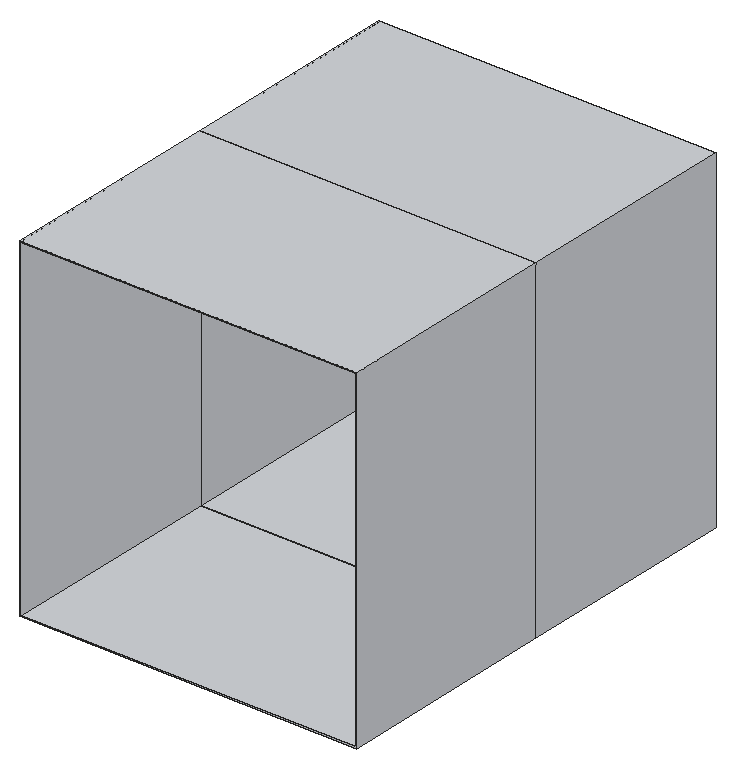
Revit family "LoadingAI_Opening_Horizontal_Rectangle", category Generic Models, Revit 2027
Family settings
  Can host rebar = No
  Round Connector Dimension = Use Diameter
  Part Type = Normal
  Work Plane-Based = No
  Always vertical = Yes
  Cut with Voids When Loaded = Yes
  Maintain Annotation Orientation = No
  Shared = No
  Room Calculation Point = No
Parameters (values of type "Rectangle")
  Width [instance] = 300 mm
  Outer Width [instance] = 300 mm
  Outer Height [instance] = 300 mm
  OP_WidthMm [instance] = ""
  OP_SourceId [instance] = ""
  OP_Shape [instance] = ""
  OP_Key [instance] = ""
  OP_HostLinked [instance] = ""
  OP_HostId [instance] = ""
  OP_HeightMm [instance] = ""
  OP_DepthMm [instance] = ""
  Model = ""
  Height [instance] = 300 mm
  Depth [instance] = 400 mm
  Default Elevation = 0 mm
Reference planes
  plane 1 "Center (Front/Back)": y = 0
  plane 2 "Bottom": z = 0
  plane 3 "Center (Left/Right)": x = 0
  plane 4 "Top": z = 300
  plane 5: x = 150
  plane 6: x = -150
  plane 7 "Back": y = 200
  plane 8 "Front": y = -200
  plane 9: x = -150
  plane 10: x = 150
  plane 11: z = 300
  plane 12: z = 0
  plane 13: z = 0
Forms (mm)
  Extrusion 1, solid
    sketch origin (0, 0, 0) x (1, 0, 0) y (0, 0, 1)
      loop
        line (-150, 300) -> (-150, 0) -> (150, 0) -> (150, 300) -> (-150, 300)
      loop
        line (-149, 299) -> (-149, 1) -> (149, 1) -> (149, 299) -> (-149, 299)
    from 0 to 200
  Extrusion 2, solid
    sketch origin (0, 0, 0) x (1, 0, 0) y (0, 0, 1)
      loop
        line (-150, 300) -> (-150, 0) -> (150, 0) -> (150, 300) -> (-150, 300)
      loop
        line (-149, 299) -> (-149, 1) -> (149, 1) -> (149, 299) -> (-149, 299)
    from -200 to 0
  Extrusion 3, void
    sketch origin (0, 0, 0) x (1, 0, 0) y (0, 0, 1)
      loop
        line (-150, 300) -> (-150, 0) -> (150, 0) -> (150, 300) -> (-150, 300)
    from 0 to 200
  Extrusion 4, void
    sketch origin (0, 0, 0) x (1, 0, 0) y (0, 0, 1)
      loop
        line (-150, 300) -> (-150, 0) -> (150, 0) -> (150, 300) -> (-150, 300)
    from -200 to 0
Lines and regions (mm)
  model lines
    curve 1: line (150, -200, 300) -> (-150, -200, 0)
    curve 2: line (-150, -200, 300) -> (150, -200, 0)
    curve 3: line (150, 200, 300) -> (-150, 200, 0)
    curve 4: line (-150, 200, 300) -> (150, 200, 0)
Dimensions and locks
  "Depth": plane 7 "Back" to plane 8 "Front"
  equal spacing: plane 6, plane 3 "Center (Left/Right)", plane 5
  "Width": plane 6 to plane 5
  equal spacing: plane 8 "Front", plane 1 "Center (Front/Back)", plane 7 "Back"
  "Height": plane 4 "Top" to plane 13
  "Outer Width": plane 10 to plane 9
  locked: Extrusion 1 sketch curve to Extrusion 1 sketch curve at 1  (x4)
  locked: Extrusion 2 sketch curve to Extrusion 2 sketch curve at 1  (x4)
  equal spacing: plane 10, plane 3 "Center (Left/Right)", plane 9
  "Outer Height": plane 11 to plane 12
  aligned and locked: level to plane 2 "Bottom"
  aligned and locked: Extrusion 1 to plane 8 "Front"
  aligned and locked: Extrusion 1 to plane 1 "Center (Front/Back)"
  aligned and locked: Extrusion 1 sketch curve to plane 4 "Top"
  aligned and locked: plane 6 to Extrusion 1 sketch curve
  aligned and locked: Extrusion 1 sketch curve to plane 5
  aligned and locked: plane 10 to Extrusion 2
  aligned and locked: Extrusion 2 to plane 9
  aligned and locked: Extrusion 2 to plane 7 "Back"
  aligned and locked: plane 1 "Center (Front/Back)" to Extrusion 2
  aligned and locked: plane 11 to Extrusion 2
  aligned and locked: Extrusion 4 to Extrusion 2
  aligned and locked: Extrusion 4 to plane 7 "Back"
  aligned and locked: Extrusion 3 to plane 8 "Front"
  aligned and locked: Extrusion 4 to plane 12
  aligned and locked: Extrusion 2 to Extrusion 4
  aligned and locked: Extrusion 3 to plane 13
  aligned and locked: Extrusion 1 to Extrusion 3
  aligned and locked: level to plane 13
  aligned and locked: level to plane 12
  aligned and locked: plane 13 to curve 1
  aligned and locked: plane 5 to curve 1
  aligned and locked: plane 4 "Top" to curve 2
  aligned and locked: plane 5 to curve 2
  aligned and locked: plane 12 to curve 4
  aligned and locked: plane 9 to curve 3
  aligned and locked: plane 11 to curve 3
  aligned and locked: plane 11 to curve 4
Automatic sketch dimensions
  Extrusion 3 sketch curve to level = 0 mm
  Extrusion 3 sketch curve to plane 6 = 0 mm
  Extrusion 3 sketch curve to plane 4 "Top" = 0 mm
  Extrusion 3 sketch curve to plane 5 = 0 mm
  Extrusion 4 sketch curve to level = 0 mm
  Extrusion 4 sketch curve to plane 9 = 0 mm
  Extrusion 4 sketch curve to plane 4 "Top" = 0 mm
  Extrusion 4 sketch curve to plane 10 = 0 mm
  Extrusion 2 sketch curve to level = 0 mm
  plane 6 to Extrusion 2 sketch curve = 0 mm
  Extrusion 2 sketch curve to plane 5 = 0 mm
  Extrusion 2 sketch curve to plane 4 "Top" = 0 mm
  Extrusion 1 sketch curve to level = 0 mm
  curve 4 to plane 9 = 0 mm
  curve 3 to plane 10 = 0 mm
  curve 4 to plane 10 = 0 mm
  curve 3 to level = 0 mm
  curve 2 to plane 6 = 0 mm
  curve 1 to plane 6 = 0 mm
  curve 2 to level = 0 mm
  curve 1 to plane 4 "Top" = 0 mm
